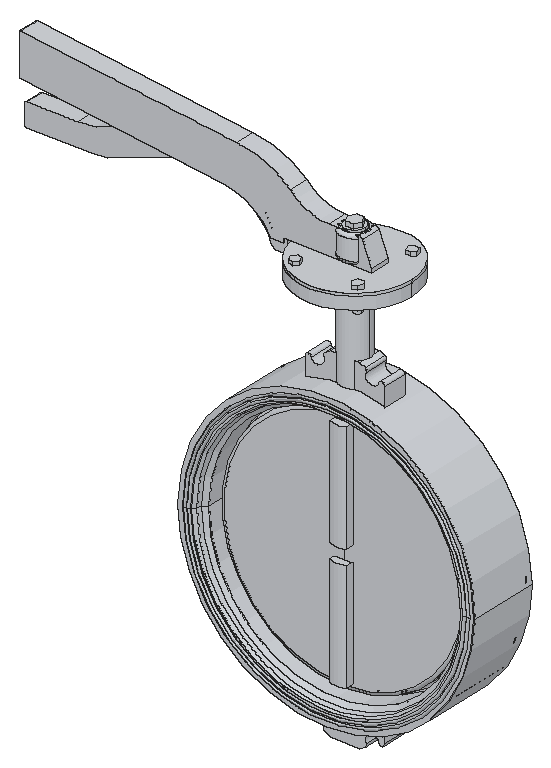
Revit family "R59WY015", category Plumbing Fixtures, Revit 2015
Reference planes
  plane 1 "Center (Front/Back)": y = 0
  plane 2: z = 0
  plane 3 "Center (Left/Right)": x = 0
  plane 4: z = 202
  plane 5: x = -260
  plane 6: z = 279
  plane 7: z = -132
  plane 8: z = -30
  plane 9: z = 232
  plane 10: z = -30
  plane 11: y = -28.488
  plane 12: y = 28.012
Forms (mm)
  Extrusion 1, solid
    sketch origin (0, 0, 192) x (1, 0, 0) y (0, 1, 0)
      loop
        circle (0, 0) r 45
    from 0 to 10
  Extrusion 2, solid
    sketch origin (0, 0, -76.95) x (1, 0, 0) y (0, 1, 0)
      loop
        circle (0, 0) r 12
    from 189.916 to 268.95
  Revolve 3, solid
    sketch origin (0, 0, 0) x (0, 1, 0) y (0, 0, 1)
      loop
        line (-1.078, -101.414) -> (1.078, -101.414) -> (1.078, -100.48)
        arc (1.078, -100.48) -> (1.953, -99.047) -> (3.478, -98.343) r 2.888
        line (3.478, -98.343) -> (6.599, -98.343)
        arc (6.599, -98.343) -> (9.772, -96.601) -> (11.11, -93.238) r 5.351
        line (11.11, -93.238) -> (11.11, 0) -> (-11.11, 0) -> (-11.11, -95.674)
        arc (-11.11, -95.674) -> (-10.328, -97.561) -> (-8.44, -98.343) r 2.67
        line (-8.44, -98.343) -> (-3.478, -98.343)
        arc (-3.478, -98.343) -> (-1.953, -99.047) -> (-1.078, -100.48) r 2.888
        line (-1.078, -100.48) -> (-1.078, -101.414)
      axis (11.11, 0) -> (-11.11, 0)
    angle from 0 to 360
  Blend 4, solid
    base sketch origin (0, 0, -4.163) x (1, 0, 0) y (0, 1, 0)
      loop
        line (-6.883, 16.4) -> (-6.883, -16.4)
        arc (-6.883, -16.4) -> (0, -18.078) -> (6.883, -16.4) r 14.953
        line (6.883, -16.4) -> (6.883, 16.4)
        arc (6.883, 16.4) -> (0, 18.078) -> (-6.883, 16.4) r 14.953
    top sketch origin (0, 0, 0) x (1, 0, 0) y (0, 1, 0)
      loop
        line (-6.883, 16.4) -> (-6.883, -16.4)
        arc (-6.883, -16.4) -> (0, -18.078) -> (6.883, -16.4) r 14.953
        line (6.883, -16.4) -> (6.883, 16.4)
        arc (6.883, 16.4) -> (0, 18.078) -> (-6.883, 16.4) r 14.953
    from 10.163 to 92.996
  Blend 5, solid
    base sketch origin (0, 0, -38.601) x (0, -1, 0) y (1, 0, 0)
      loop
        line (-16.4, -6.883) -> (16.4, -6.883)
        arc (16.4, -6.883) -> (18.078, 0) -> (16.4, 6.883) r 14.953
        line (16.4, 6.883) -> (-16.4, 6.883)
        arc (-16.4, 6.883) -> (-18.078, 0) -> (-16.4, -6.883) r 14.953
    top sketch origin (0, 0, -35.117) x (0, -1, 0) y (1, 0, 0)
      loop
        line (-16.4, -6.883) -> (16.4, -6.883)
        arc (16.4, -6.883) -> (18.078, 0) -> (16.4, 6.883) r 14.953
        line (16.4, 6.883) -> (-16.4, 6.883)
        arc (-16.4, 6.883) -> (-18.078, 0) -> (-16.4, -6.883) r 14.953
    from -54.698 to 29.117
  Extrusion 6, solid
    sketch origin (99.126, -27.447, 204) x (0, -1, 0) y (1, 0, 0)
      loop
        line (3.99, -123.113) -> (0.805, -120.344) -> (-3.184, -121.718) -> (-3.99, -125.86) -> (-0.805, -128.628) -> (3.184, -127.254) -> (3.99, -123.113)
    from 0 to 3
  Extrusion 7, solid
    sketch origin (99.126, -27.447, 184) x (0, -1, 0) y (1, 0, 0)
      loop
        circle (0, -124.486) r 3
    from 2.505 to 20
  Extrusion 8, solid
    sketch origin (99.126, -27.447, 191) x (0, -1, 0) y (1, 0, 0)
      loop
        line (3.99, -123.113) -> (0.805, -120.344) -> (-3.184, -121.718) -> (-3.99, -125.86) -> (-0.805, -128.628) -> (3.184, -127.254) -> (3.99, -123.113)
      loop
        line (-3.444, -125.672) -> (-0.695, -128.061) -> (2.749, -126.876) -> (3.444, -123.301) -> (0.695, -120.911) -> (-2.749, -122.097) -> (-3.444, -125.672)
    from -1.968 to 1
  Extrusion 9, solid, not visible
    sketch origin (26.117, -96.518, 104.233) x (0, -1, 0) y (1, 0, 0)
      loop
        line (3.99, -123.113) -> (0.805, -120.344) -> (-3.184, -121.718) -> (-3.99, -125.86) -> (-0.805, -128.628) -> (3.184, -127.254) -> (3.99, -123.113)
    from 0 to 3
  Extrusion 10, solid, not visible
    sketch origin (26.117, -96.518, 84.233) x (0, -1, 0) y (1, 0, 0)
      loop
        circle (0, -124.486) r 3
    from 2.505 to 20
  Extrusion 11, solid, not visible
    sketch origin (26.117, -96.518, 91.233) x (0, -1, 0) y (1, 0, 0)
      loop
        line (3.99, -123.113) -> (0.805, -120.344) -> (-3.184, -121.718) -> (-3.99, -125.86) -> (-0.805, -128.628) -> (3.184, -127.254) -> (3.99, -123.113)
      loop
        line (-3.444, -125.672) -> (-0.695, -128.061) -> (2.749, -126.876) -> (3.444, -123.301) -> (0.695, -120.911) -> (-2.749, -122.097) -> (-3.444, -125.672)
    from -1.968 to 1
  Extrusion 12, solid
    sketch origin (0, 0, 202) x (1, 0, 0) y (0, 1, 0)
      loop
        circle (0, 0) r 45
    from 0 to 2
  Extrusion 13, solid
    sketch origin (99.126, -27.447, 204) x (0, -1, 0) y (1, 0, 0)
      loop
        line (-58.884, -123.113) -> (-58.079, -127.254) -> (-54.09, -128.628) -> (-50.905, -125.86) -> (-51.71, -121.718) -> (-55.7, -120.344) -> (-58.884, -123.113)
    from 0 to 3
  Extrusion 14, solid
    sketch origin (99.126, -27.447, 184) x (0, -1, 0) y (1, 0, 0)
      loop
        circle (-54.895, -124.486) r 3
    from 2.505 to 20
  Extrusion 15, solid
    sketch origin (99.126, -27.447, 191) x (0, -1, 0) y (1, 0, 0)
      loop
        line (-58.884, -123.113) -> (-58.079, -127.254) -> (-54.09, -128.628) -> (-50.905, -125.86) -> (-51.71, -121.718) -> (-55.7, -120.344) -> (-58.884, -123.113)
      loop
        line (-51.451, -125.672) -> (-52.146, -122.097) -> (-55.59, -120.911) -> (-58.339, -123.301) -> (-57.644, -126.876) -> (-54.2, -128.061) -> (-51.451, -125.672)
    from -1.968 to 1
  Extrusion 16, solid
    sketch origin (-100.376, 27.447, 204) x (0, 1, 0) y (-1, 0, 0)
      loop
        line (-58.884, -123.113) -> (-58.079, -127.254) -> (-54.09, -128.628) -> (-50.905, -125.86) -> (-51.71, -121.718) -> (-55.7, -120.344) -> (-58.884, -123.113)
    from 0 to 3
  Extrusion 17, solid
    sketch origin (-100.376, 27.447, 184) x (0, 1, 0) y (-1, 0, 0)
      loop
        circle (-54.895, -124.486) r 3
    from 2.505 to 20
  Extrusion 18, solid
    sketch origin (-100.376, 27.447, 191) x (0, 1, 0) y (-1, 0, 0)
      loop
        line (-58.884, -123.113) -> (-58.079, -127.254) -> (-54.09, -128.628) -> (-50.905, -125.86) -> (-51.71, -121.718) -> (-55.7, -120.344) -> (-58.884, -123.113)
      loop
        line (-51.451, -125.672) -> (-52.146, -122.097) -> (-55.59, -120.911) -> (-58.339, -123.301) -> (-57.644, -126.876) -> (-54.2, -128.061) -> (-51.451, -125.672)
    from -1.968 to 1
  Extrusion 19, solid
    sketch origin (-100.376, 27.447, 204) x (0, 1, 0) y (-1, 0, 0)
      loop
        line (3.99, -123.113) -> (0.805, -120.344) -> (-3.184, -121.718) -> (-3.99, -125.86) -> (-0.805, -128.628) -> (3.184, -127.254) -> (3.99, -123.113)
    from 0 to 3
  Extrusion 20, solid
    sketch origin (-100.376, 27.447, 184) x (0, 1, 0) y (-1, 0, 0)
      loop
        circle (0, -124.486) r 3
    from 2.505 to 20
  Extrusion 21, solid
    sketch origin (-100.376, 27.447, 191) x (0, 1, 0) y (-1, 0, 0)
      loop
        line (3.99, -123.113) -> (0.805, -120.344) -> (-3.184, -121.718) -> (-3.99, -125.86) -> (-0.805, -128.628) -> (3.184, -127.254) -> (3.99, -123.113)
      loop
        line (-3.444, -125.672) -> (-0.695, -128.061) -> (2.749, -126.876) -> (3.444, -123.301) -> (0.695, -120.911) -> (-2.749, -122.097) -> (-3.444, -125.672)
    from -1.968 to 1
  Extrusion 22, solid
    sketch origin (125.063, -27.447, 229.144) x (0, -1, 0) y (1, 0, 0)
      loop
        line (-32.638, -122.069) -> (-32.638, -128.062) -> (-27.447, -131.059) -> (-22.257, -128.062) -> (-22.257, -122.069) -> (-27.447, -119.072) -> (-32.638, -122.069)
    from -1.014 to 2.856
  Extrusion 23, solid
    sketch origin (124.477, -54.895, 224.2) x (0, -1, 0) y (1, 0, 0)
      loop
        circle (-54.895, -124.486) r 8
    from -22.2 to 3.931
  Sweep 24, solid
    path origin (0, 0, 0) x (1, 0, 0) y (0, 0, 1)
      loop
        circle (0, 0) r 118
    profile origin (0, 0, -118) x (0, 0, 1) y (0, -1, 0)
      loop
        line (16.683, -18.432) -> (16.683, 19.092) -> (13.454, 22.321) -> (12.517, 25.818) -> (10.888, 28.16) -> (9.28, 28.16)
        arc (9.28, 28.16) -> (8.267, 29.174) -> (7.253, 28.16) r 1.014
        line (7.253, 28.16) -> (5.98, 28.16)
        arc (5.98, 28.16) -> (4.966, 29.174) -> (3.952, 28.16) r 1.014
        line (3.952, 28.16) -> (0.625, 28.16) -> (0.625, -27.5) -> (3.952, -27.5)
        arc (3.952, -27.5) -> (4.966, -28.514) -> (5.98, -27.5) r 1.014
        line (5.98, -27.5) -> (7.253, -27.5)
        arc (7.253, -27.5) -> (8.267, -28.514) -> (9.28, -27.5) r 1.014
        line (9.28, -27.5) -> (10.888, -27.5) -> (12.517, -25.158) -> (13.454, -21.661) -> (16.683, -18.432)
  Revolve 25, solid
    sketch origin (0, 0, 62) x (1, 0, 0) y (0, 0, 1)
      loop
        line (-9.486, 143.746) -> (0, 143.746) -> (0, 165) -> (-9.486, 165)
        arc (-9.486, 165) -> (-11.259, 164.265) -> (-11.994, 162.492) r 2.508
        line (-11.994, 162.492) -> (-11.994, 146.254)
        arc (-11.994, 146.254) -> (-11.259, 144.481) -> (-9.486, 143.746) r 2.508
      axis (0, 143.746) -> (0, 165)
    angle from 0 to 360
  Sweep 26, solid
    path origin (-0.002, 0, 0) x (1, 0, 0) y (0, 0, 1)
      loop
        circle (0, 0) r 118
    profile origin (-0.002, 0, -118) x (0, 0, 1) y (0, -1, 0)
      loop
        line (0, 28.488) -> (0, -28.012) -> (3.944, -28.012) -> (3.944, 28.488) -> (0, 28.488)
  Extrusion 27, solid
    sketch origin (-0.004, 45.948, -78.573) x (1, 0, 0) y (0, 0, 1)
      loop
        arc (-14.408, 305.574) -> (-31.009, 309.172) -> (-44.632, 319.319) r 40.102
        arc (-44.632, 319.319) -> (-64.682, 331.561) -> (-87.387, 337.59) r 81.686
        line (-87.387, 337.59) -> (-259.322, 357.495)
        arc (-259.322, 357.495) -> (-259.796, 357.345) -> (-260, 356.891) r 0.608
        line (-260, 356.891) -> (-260, 323.702) -> (-98.154, 304.965)
        arc (-98.154, 304.965) -> (-76.145, 296.857) -> (-60.289, 279.573) r 49.8
        line (-60.289, 279.573) -> (-50.289, 279.573) -> (-50.289, 282.573) -> (19.968, 282.573) -> (19.968, 285.573) -> (12.794, 303.329)
        arc (12.794, 303.329) -> (11.475, 304.959) -> (9.47, 305.574) r 3.591
        line (9.47, 305.574) -> (-14.408, 305.574)
    from 37.966 to 54.11
  Extrusion 28, solid
    sketch origin (-37.787, 45.948, -153.087) x (1, 0, 0) y (0, 0, 1)
      loop
        arc (-22.093, 349.062) -> (-20.549, 347.09) -> (-18.159, 346.344) r 4.207
        line (-18.159, 346.344) -> (-9.636, 346.344) -> (-9.636, 357.087) -> (-17.519, 357.087)
        arc (-17.519, 357.087) -> (-19.393, 357.527) -> (-20.874, 358.756) r 4.207
        line (-20.874, 358.756) -> (-36.673, 388.468)
        arc (-36.673, 388.468) -> (-42.926, 395.877) -> (-51.675, 400.052) r 23.006
        line (-51.675, 400.052) -> (-121.464, 408.132)
        arc (-121.464, 408.132) -> (-146.554, 389.335) -> (-177.106, 382.301) r 75.785
        line (-177.106, 382.301) -> (-217.214, 382.301)
        arc (-217.214, 382.301) -> (-218.486, 381.806) -> (-219.141, 380.609) r 1.995
        line (-219.141, 380.609) -> (-219.141, 365.458)
        arc (-219.141, 365.458) -> (-218.486, 364.261) -> (-217.214, 363.766) r 1.995
        line (-217.214, 363.766) -> (-165.969, 363.766)
        arc (-165.969, 363.766) -> (-159.476, 364.161) -> (-153.041, 365.112) r 75.785
        line (-153.041, 365.112) -> (-102.034, 383.677) -> (-60.442, 378.862)
        arc (-60.442, 378.862) -> (-37.124, 369.314) -> (-22.17, 349.033) r 46.662
    from 38.356 to 53.486
  Extrusion 29, solid
    sketch origin (-2.813, 0.293, -55.682) x (1, 0, 0) y (0, 0, 1)
      loop
        arc (18.871, -79.288) -> (19.767, -78.006) -> (19.652, -76.455) r 2.274
        arc (19.652, -76.455) -> (22.463, -69.087) -> (29.701, -72.217) r 5.458
        arc (29.701, -72.217) -> (32.458, -73.974) -> (34.596, -71.501) r 2.5
        line (34.596, -71.501) -> (34.596, -55.391)
        arc (34.596, -55.391) -> (2.811, -60.393) -> (-28.974, -55.391) r 103.488
        line (-28.974, -55.391) -> (-28.974, -71.501)
        arc (-28.974, -71.501) -> (-26.836, -73.974) -> (-24.079, -72.217) r 2.5
        arc (-24.079, -72.217) -> (-16.841, -69.087) -> (-14.03, -76.455) r 5.458
        arc (-14.03, -76.455) -> (-14.145, -78.006) -> (-13.249, -79.287) r 2.274
        arc (-13.249, -79.287) -> (-11.147, -80.588) -> (-8.94, -81.703) r 28.535
        line (-8.94, -81.703) -> (14.565, -81.703)
        arc (14.565, -81.703) -> (16.77, -80.589) -> (18.871, -79.288) r 28.535
    from -9.388 to 9.974
  Extrusion 30, solid
    sketch origin (-2.813, 0.293, 55.682) x (1, 0, 0) y (0, 0, 1)
      loop
        arc (18.871, 79.601) -> (16.77, 80.902) -> (14.565, 82.016) r 28.535
        line (14.565, 82.016) -> (-8.94, 82.016)
        arc (-8.94, 82.016) -> (-11.147, 80.901) -> (-13.249, 79.599) r 28.535
        arc (-13.249, 79.599) -> (-14.145, 78.319) -> (-14.03, 76.767) r 2.274
        arc (-14.03, 76.767) -> (-16.841, 69.4) -> (-24.079, 72.529) r 5.458
        arc (-24.079, 72.529) -> (-26.836, 74.287) -> (-28.974, 71.813) r 2.5
        line (-28.974, 71.813) -> (-28.974, 55.703)
        arc (-28.974, 55.703) -> (2.811, 60.705) -> (34.596, 55.703) r 103.488
        line (34.596, 55.703) -> (34.596, 71.813)
        arc (34.596, 71.813) -> (32.458, 74.287) -> (29.701, 72.529) r 2.5
        arc (29.701, 72.529) -> (22.463, 69.4) -> (19.652, 76.767) r 5.458
        arc (19.652, 76.767) -> (19.767, 78.319) -> (18.871, 79.601) r 2.274
    from -9.388 to 9.974
Dimensions and locks
  plane 2 to plane 4 = 202 mm
  plane 3 "Center (Left/Right)" to plane 5 = 260 mm
  level to plane 6 = 279 mm
  plane 7 to level = 132 mm
  locked: plane 4 to plane 9 at 30
  plane 12 to plane 11 = 56.5 mm
  aligned and locked: level to plane 2
